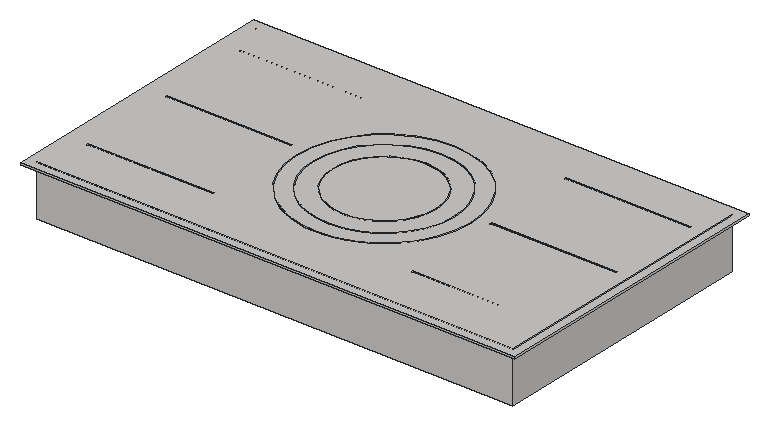
Revit family "VI492611", category Generic Models, Revit 2014
Parameters (values of type "VI492611")
  Width = 908 mm
  URL = "http://www.gaggenau.com."
  Model = "VI492611"
  Manufacturer = "Gaggenau"
  Height = 93 mm
  Unit = Metal Panel
  Description = "Gaggenau Vario 400 series induction cooktop, 2 flex induction zones + 13\" cooking zone"
  Depth = 535 mm
Reference planes
  plane 1 "Center (Front/Back)": y = 0
  plane 2: z = 0
  plane 3 "Center (Left/Right)": x = 0
  plane 4: x = -454
  plane 5: x = 454
  plane 6: y = 267.5
  plane 7: y = -267.5
  plane 8: z = 93
  plane 9: z = 90
Forms (mm)
  Extrusion 1, solid, material "Metal Panel" <- "Unit"
    sketch origin (0, 0, 0) x (1, 0, 0) y (0, 1, 0)
      loop
        line (-454, 267.5) -> (-454, -267.5) -> (454, -267.5) -> (454, 267.5) -> (-454, 267.5)
      loop
        circle (0, 0) r 160
      loop
        circle (0, 0) r 159.214
      loop
        circle (0, 0) r 130
      loop
        circle (0, 0) r 129.443
      loop
        circle (0, 0) r 95
      loop
        circle (0, 0) r 94.824
      loop
        line (182.813, 186.95) -> (182.813, 184.45) -> (412.813, 184.45) -> (412.813, 186.95) -> (182.813, 186.95)
      loop
        line (182.813, 16.95) -> (182.813, 14.45) -> (412.813, 14.45) -> (412.813, 16.95) -> (182.813, 16.95)
      loop
        line (182.813, -163.05) -> (182.813, -165.55) -> (412.813, -165.55) -> (412.813, -163.05) -> (182.813, -163.05)
      loop
        line (-182.813, 186.95) -> (-412.813, 186.95) -> (-412.813, 184.45) -> (-182.813, 184.45) -> (-182.813, 186.95)
      loop
        line (-182.813, 16.95) -> (-412.813, 16.95) -> (-412.813, 14.45) -> (-182.813, 14.45) -> (-182.813, 16.95)
      loop
        line (-182.813, -163.05) -> (-412.813, -163.05) -> (-412.813, -165.55) -> (-182.813, -165.55) -> (-182.813, -163.05)
    from 90 to 93
  Extrusion 2, solid, material "Metal Panel" <- "Unit"
    sketch origin (0, 0, 0) x (1, 0, 0) y (0, 1, 0)
      loop
        line (-437, 250.5) -> (-437, -250.5) -> (437, -250.5) -> (437, 250.5) -> (-437, 250.5)
    from 0 to 93
Dimensions and locks
  equal spacing: plane 4, plane 3 "Center (Left/Right)", plane 5
  equal spacing: plane 6, plane 1 "Center (Front/Back)", plane 7
  "Width": plane 4 to plane 5
  "Depth": plane 6 to plane 7
  "Height": plane 8 to plane 2
  plane 8 to plane 9 = 3 mm
  aligned and locked: level to plane 2
Automatic sketch dimensions
  plane 4 to Extrusion 2 sketch curve = 17 mm
  plane 5 to Extrusion 2 sketch curve = 17 mm
  Extrusion 2 sketch curve to plane 7 = 17 mm
  Extrusion 2 sketch curve to plane 6 = 17 mm
  Extrusion 1 sketch curve to Extrusion 1 sketch curve = 0 mm  (x34)
  Extrusion 1 sketch curve to plane 4 = 0 mm
  plane 1 "Center (Front/Back)" to Extrusion 1 sketch curve = 0 mm
  Extrusion 1 sketch curve to plane 3 "Center (Left/Right)" = 0 mm
  Extrusion 1 sketch curve to plane 5 = 0 mm
  plane 7 to Extrusion 1 sketch curve = 0 mm
  Extrusion 1 sketch curve to plane 6 = 0 mm
  plane 4 to Extrusion 1 sketch curve = 41.187 mm  (x3)
  Extrusion 1 sketch curve to plane 1 "Center (Front/Back)" = 16.95 mm
  Extrusion 1 sketch curve to plane 3 "Center (Left/Right)" = 182.813 mm
  Extrusion 1 sketch curve to plane 6 = 83.05 mm
  plane 3 "Center (Left/Right)" to Extrusion 1 sketch curve = 182.813 mm
  Extrusion 1 sketch curve to plane 1 "Center (Front/Back)" = 14.45 mm
  Extrusion 1 sketch curve to plane 6 = 80.55 mm
  plane 5 to Extrusion 1 sketch curve = 41.187 mm  (x3)
  Extrusion 1 sketch curve to plane 7 = 101.95 mm  (x2)
  Extrusion 1 sketch curve to Extrusion 1 sketch curve = 2.5 mm  (x6)
  radius of Extrusion 1 sketch curve = 160 mm
  radius of Extrusion 1 sketch curve = 159.214 mm
  radius of Extrusion 1 sketch curve = 130 mm
  radius of Extrusion 1 sketch curve = 129.443 mm
  radius of Extrusion 1 sketch curve = 95 mm
  radius of Extrusion 1 sketch curve = 94.824 mm
